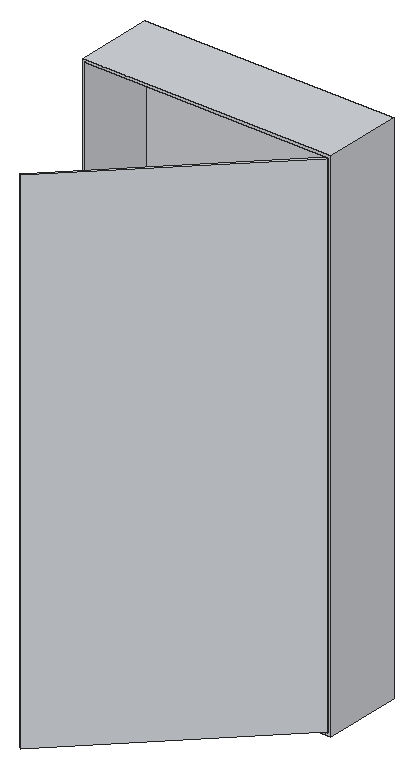
Revit family "Hager-Volta-IP30-Surface_mounted-empty-NoHosted-PL-en", category Electrical Equipment, Revit 2020
Family settings
  Panel Configuration = Two Columns, Circuits Across
  Round Connector Dimension = Use Diameter
  Part Type = Panelboard
  Work Plane-Based = Yes
  Always vertical = Yes
  Cut with Voids When Loaded = No
  Shared = No
  Room Calculation Point = No
Parameters (values of type "Surface mounted IP30 W305 H640 D96.5 12 Modular spacings - VA48NWP")
  Width Control [instance] = if([HG000006 - Flush mounted], if([EF000846 - Built-in width] > min_whd, [EF000846 - Built-in width], min_whd), if([EF000008 - Width] > min_whd, ([EF000008 - Width]), min_whd))  # 305 mm
  Void Depth [instance] = if([EF000218 - Built-in depth] > 1 mm, [EF000218 - Built-in depth], 1 mm)  # 1 mm
  Type Comments = [HG000003 - Range]  # "Volta"
  System Height [instance] = Height Control - 2 * [HG000005 - Thickness]  # 634 mm
  Panel Name [instance] = ""  # (empty or 0)
  Offset [instance] = 0 mm
  Model = [HG000004 - Manufacturer reference]  # "VA48NWP"
  Level Offset [instance] = [Flush Mounted - Door Frame Width] + Offset  # 0 mm
  HG000017 - Distance between poles = 18 mm
  HG000016 - Door 3d visibility [instance] = yes
  HG000015 - Clearance visibility [instance] = no
  HG000014 - Door on the right [instance] = yes
  HG000013 - Door on the left [instance] = not([HG000014 - Door on the right])  # no
  HG000012 - Door swing angle [instance] = 45.00°
  HG000011 - Empty rows from bottom = no
  HG000010 - Asymmetric doors = no
  HG000009 - Double swing door = no
  HG000008 - Number of empty rows = 0
  HG000007 - Number of empty columns = 0
  HG000006 - Flush mounted = no
  HG000005 - Thickness = 3 mm  # constant formula
  HG000004 - Manufacturer reference = "VA48NWP"
  HG000003 - Range = "Volta"
  HG000002 - With door or cover = yes
  HG000001 - Number of columns = 0
  EF015941 - Signal passing door = no
  EF015777 - Neutral terminal block = no
  EF015776 - Earthing terminal block = no
  EF009212 - Cover model = ""
  EF006306 - With lock = no
  EF006244 - Transparent cover/door = no
  EF005474 - Degree of protection (IP) = "EV006410 - IP30"
  EF004462 - Type of closure = ""
  EF002950 - Width in number of modular spacings = 12
  EF001596 - Material housing = ""
  EF001134 - DIN-rail = no
  EF001131 - Internal depth = 0 mm
  EF001088 - Extension possible = no
  EF001062 - EMC-version = no
  EF000846 - Built-in width = 0 mm
  EF000339 - Type of cover = ""
  EF000332 - Built-in height = 0 mm
  EF000266 - Number of rows = 0
  EF000218 - Built-in depth = 0 mm
  EF000118 - With mounting plate = yes
  EF000116 - RAL-number = "9010"
  EF000049 - Depth = 96 mm
  EF000040 - Height = 640 mm
  EF000008 - Width = 305 mm
  EF000007 - Colour = ""
  EF000003 - Mounting method = "EV000384 - Surface mounted (plaster)"
  Description = ""
  Default Elevation = 1219.2 mm
  Arrow Offset [instance] = Depth Control / 8  # 12 mm
  Arrow Height [instance] = Depth Control - Arrow Offset  # 84 mm
  Host Offset [instance] = if([HG000006 - Flush mounted], 0 mm, [EF000049 - Depth])  # 96 mm
  min_whd [instance] = (2 * [HG000005 - Thickness]) + 1 mm  # 7 mm
  Manufacturer = "Hager"  # constant formula
  Height Control [instance] = if([HG000006 - Flush mounted], if([EF000332 - Built-in height] > min_whd, [EF000332 - Built-in height], min_whd), if([EF000040 - Height] > min_whd, ([EF000040 - Height]), min_whd))  # 640 mm
  Flush Mounted - Door Frame Width [instance] = if(([EF000040 - Height] - [EF000332 - Built-in height]) > 0 mm, if([HG000006 - Flush mounted], [EF000040 - Height] - [EF000332 - Built-in height], 0 mm), 0 mm)  # 0 mm
  Depth Control [instance] = if([HG000006 - Flush mounted], if([EF000218 - Built-in depth] > 0 mm, [EF000218 - Built-in depth], 1 mm), if([EF000049 - Depth] > 0 mm, ([EF000049 - Depth]), 1 mm))  # 96 mm
Types (4, lengths in mm): name | System Height | Model | HG000004 - Manufacturer reference | EF009212 - Cover model | EF004462 - Type of closure | EF001596 - Material housing | EF001134 - DIN-rail | EF001131 - Internal depth | EF001088 - Extension possible | EF000339 - Type of cover | EF000266 - Number of rows | EF000040 - Height | EF000007 - Colour | Height Control
  Surface mounted IP30 W305 H515 D96.5 12 Modular spacings - VA36NWB | 509 | "VA36NWB" | "VA36NWB" | "EV009916 - With notch" | "EV000154 - Other" | "" | no | 0 | yes | "EV004216 - Door" | 0 | 515 | "" | 515
  Surface mounted IP30 W305 H515 D96.5 12 Modular spacings - VA36NWP | 509 | "VA36NWP" | "VA36NWP" | "EV009916 - With notch" | "EV000154 - Other" | "EV000154 - Other" | yes | 92 | yes | "EV004216 - Door" | 3 | 515 | "EV000202 - White" | 515
  Surface mounted IP30 W305 H640 D96.5 12 Modular spacings - VA48NWB | 634 | "VA48NWB" | "VA48NWB" | "EV009916 - With notch" | "EV000154 - Other" | "" | no | 0 | yes | "EV004216 - Door" | 0 | 640 | "" | 640
  Surface mounted IP30 W305 H640 D96.5 12 Modular spacings - VA48NWP | 634 | "VA48NWP" | "VA48NWP" | "" | "" | "" | no | 0 | no | "" | 0 | 640 | "" | 640
Reference planes
  plane 1 "Center (Front/Back)": y = 0
  plane 2: z = 0
  plane 3 "Center (Left/Right)": x = 0
  plane 4: y = 3
  plane 5: y = 0
  plane 6: y = 0
  plane 7: z = 0
  plane 8: x = -152.5
  plane 9: x = 152.5
  plane 10: x = 149.5
  plane 11: x = -149.5
  plane 12: z = 0
  plane 13: z = 3
  plane 14: y = -91
  plane 15: y = -96
  plane 16: y = -3
  plane 17: z = 637
  plane 18: z = 640
  plane 19: z = 320
  plane 20: x = 0
  plane 21: y = -100
Forms (mm)
  Extrusion 1, solid
    sketch origin (-208.679, -4572, 0) x (-1, 0, 0) y (0, -1, 0)
      loop
        line (-56.179, -4476) -> (-361.179, -4476) -> (-361.179, -4572) -> (-56.179, -4572) -> (-56.179, -4476)
    from 0 to 640 <- "Height Control"
  Extrusion 2, void
    sketch origin (-350.771, -96, 1219.2) x (1, 0, 0) y (0, 0, 1)
      loop
        line (201.271, -582.2) -> (201.271, -1216.2) -> (500.271, -1216.2) -> (500.271, -582.2) -> (201.271, -582.2)
    from 0 to -93
  Extrusion 3, solid, detail levels coarse+medium
    sketch origin (-350.771, -96, 1219.2) x (-1, 0, 0) y (0, 0, 1)
      loop
        line (-201.271, -582.2) -> (-500.271, -582.2) -> (-500.271, -1216.2) -> (-201.271, -1216.2) -> (-201.271, -582.2)
    from 0 to 3 <- "HG000005 - Thickness"
Cuts and joins
  Extrusion 2 cuts Extrusion 1
Dimensions and locks
  "Flush Mounted - Door Frame Width": plane 1 "Center (Front/Back)" to plane 6
  "HG000005 - Thickness": plane 4 to plane 6
  "HG000005 - Thickness": plane 8 to plane 11
  "HG000005 - Thickness": plane 9 to plane 10
  equal spacing: plane 8, plane 3 "Center (Left/Right)", plane 9
  "Width Control": plane 8 to plane 9
  locked: plane 14 to plane 15 at 5
  "Host Offset": plane 1 "Center (Front/Back)" to plane 15
  "Depth Control": plane 5 to plane 15
  "HG000005 - Thickness": plane 5 to plane 16
  "HG000005 - Thickness": plane 13 to plane 12
  "Level Offset": plane 12 to level
  "HG000005 - Thickness": plane 18 to plane 17
  "Height Control": plane 18 to plane 12
  "Arrow Offset": plane 5 to nested 4
  equal spacing: plane 18, plane 19, plane 12
  locked: connector elem to plane 19
  locked: connector elem to plane 3 "Center (Left/Right)"
  aligned and locked: nested 1 to plane 14
  aligned and locked: plane 3 "Center (Left/Right)" to nested 1
  aligned and locked: plane 3 "Center (Left/Right)" to nested 2
  aligned and locked: nested 2 to plane 15
  aligned and locked: plane 5 to Extrusion 1
  aligned and locked: Extrusion 3 sketch curve to plane 17
  aligned and locked: Extrusion 3 sketch curve to plane 11
  aligned and locked: plane 13 to Extrusion 3 sketch curve
  aligned and locked: Extrusion 3 sketch curve to plane 10
  aligned and locked: plane 13 to Extrusion 2 sketch curve
  aligned and locked: Extrusion 2 sketch curve to plane 10
  aligned and locked: Extrusion 2 sketch curve to plane 17
  aligned and locked: Extrusion 2 sketch curve to plane 11
  aligned and locked: plane 16 to Extrusion 2
  aligned and locked: plane 5 to Extrusion 1 sketch curve
  aligned and locked: plane 9 to Extrusion 1 sketch curve
  aligned and locked: plane 8 to Extrusion 1 sketch curve
  aligned and locked: plane 8 to nested 4
  aligned and locked: plane 8 to nested 3
  aligned and locked: nested 3 to plane 5
  aligned and locked: Extrusion 1 sketch curve to plane 15
  aligned and locked: Extrusion 2 to plane 15
Nested families
  nested 1: "Hager_Enclosure_System" at (0, -91, 3), Flush_Mounted <- "HG000006 - Flush mounted", Width <- "EF000008 - Width", Height <- "System Height", Width_Control <- "Width Control", Row_Module_Multiplicator <- "EF002950 - Width in number of modular spacings", Empty_Columns <- "HG000007 - Number of empty columns", Built-in_Width <- "EF000846 - Built-in width", Border <- "HG000005 - Thickness", Total_No_Empty_Rows <- "HG000008 - Number of empty rows", Depth <- "HG000005 - Thickness", Empty_Rows_From_Bottom <- "HG000011 - Empty rows from bottom", Distance_Between_Poles <- "HG000017 - Distance between poles", Rows_Count <- "EF000266 - Number of rows", Columns_Count <- "HG000001 - Number of columns", type "Hager_Enclosure_System", detail levels medium+fine
    with Width_Control 305 mm, Width 305 mm, Total_No_Rows 0, Total_No_Empty_Rows 0, Total_No_Columns 1, System_Width 299 mm, Rows_Count 0, Rows_Column 0, Row_Module_Multiplicator 12, Panel_4 no, Panel_3 no, Panel_2 no, Panel_1 no, No_Panels_Ctrl 1, Hide_Columns yes, Height 634 mm, Flush_Mounted no, Empty_Rows_From_Bottom no, Empty_Rows_Column 0, Empty_Columns 0, Distance_Between_Poles 18 mm, Depth 3 mm, Columns_Count 0, Column_Width 299 mm, Built-in_Width 0 mm, Border 3 mm
  nested 2: "Hager_Enclosure_Door" at (0, -96, 0), Double <- "HG000009 - Double swing door", Height_Ctrl <- "Height Control", Transparent <- "EF006244 - Transparent cover/door", Depth <- "EF000049 - Depth", Height <- "EF000040 - Height", Angle <- "HG000012 - Door swing angle", Door_Right <- "HG000014 - Door on the right", Assymetrical <- "HG000010 - Asymmetric doors", Flush_Mounted <- "HG000006 - Flush mounted", BuiltIn_Depth <- "EF000218 - Built-in depth", BuiltIn_Width <- "EF000846 - Built-in width", Door <- "HG000002 - With door or cover", Width_Ctrl <- "Width Control", 3d_Door <- "HG000016 - Door 3d visibility", Width <- "EF000008 - Width", Border <- "HG000005 - Thickness", BuiltIn_Height <- "EF000332 - Built-in height", Clearance <- "HG000015 - Clearance visibility", Door_Left <- "HG000013 - Door on the left", type "Hager_Enclosure_Door", detail levels medium+fine
    with min_wh 7 mm, Width_Ctrl 305 mm, Width 305 mm, Transparent_Door_No_Bottom_Border no, Transparent no, Leaf_Width 296 mm, Leaf_Tolerance 1.5 mm, Leaf_Height 631 mm, Leaf_2_Width 296 mm, Leaf_2_Offset 148 mm, Leaf_1_Width 296 mm, Leaf_1_Offset 148 mm, Height_Ctrl 640 mm, Height 640 mm, Frame_Width_Ctrl 305 mm, Frame_Width 305 mm, Frame_Internal_Offset 0 mm, Frame_Height_Ctrl 640 mm, Frame_Height 640 mm, Frame_Depth_Ctrl 1 mm, Frame_Depth 0 mm, Flush_Mounted no, Double_Clearance_Ctrl no, Double no, Door_Right_Ctrl yes, Door_Right yes, Door_Left_Ctrl no, Door_Left no, Door yes, Depth 96 mm, Clearance_Depth 296 mm, Clearance_Ctrl no, Clearance no, BuiltIn_Width 0 mm, BuiltIn_Height 0 mm, BuiltIn_Depth 0 mm, Border 3 mm, Assymetrical no, Angle 45.00°, 3d_Door yes
  nested 3: "Hager_Enclosure_Symbol_Triangle" at (-152.5, 0, 0), Depth <- "Depth Control", Width <- "Width Control", type "Hager_Enclosure_Symbol_Triangle"
    with Width_Ctrl 305 mm, Width 305 mm, Depth_Ctrl 96 mm, Depth 96 mm
  nested 4: "Hager_Enclosure_Symbol_Arrow" at (-152.5, -12, 0), Height <- "Arrow Height", type "Hager_Enclosure_Symbol_Arrow"
    with Width_Inside 6.3 mm, Width 75.6 mm, Height_Ctrl 84 mm, Height 84 mm
Connectors
  electrical at (0, 0, 320)
    settings: on plane 5, index 1, voltage 0 V, apparent load 0 VA, apparent load phase1 0 VA, apparent load phase2 0 VA, apparent load phase3 0 VA, power factor 1, load classification "Other", number of poles 1, system type 30, power factor state 1, is connector primary yes, connector utility no, sub classification motor no, connector description ""
Definition of nested family "Hager_Enclosure_Door"
  Parameters (values of type "Hager_Enclosure_Door")
    min_wh [instance] = (2 * Border) + 1 mm  # 11 mm
    Width_Ctrl [instance] = 400 mm
    Width [instance] = 500 mm
    Transparent_Door_No_Bottom_Border [instance] = no
    Transparent [instance] = yes
    Leaf_Width [instance] = if((Width_Ctrl - 2 * Border - 2 * Leaf_Tolerance) > 0 mm, (Width_Ctrl - 2 * Border - 2 * Leaf_Tolerance), min_wh)  # 387 mm
    Leaf_Tolerance [instance] = 1.5 mm  # constant formula
    Leaf_Height [instance] = if((Height_Ctrl - 2 * Border - 2 * Leaf_Tolerance) > 0 mm, (Height_Ctrl - 2 * Border - 2 * Leaf_Tolerance), min_wh)  # 387 mm
    Leaf_2_Width [instance] = if(and(and(Double, Assymetrical), Door_Left), (Leaf_Width / 3) - (Leaf_Tolerance / 2), if(and(and(Double, Assymetrical), Door_Right), (Leaf_Width / 3) * 2 - (Leaf_Tolerance / 2), if(and(Double, not(Assymetrical)), (Leaf_Width / 2) - Leaf_Tolerance, Leaf_Width)))  # 387 mm
    Leaf_2_Offset [instance] = if(and(Double, Assymetrical), Leaf_2_Width / 2, if(and(Double, not(Assymetrical)), Leaf_Width / 4, Leaf_Width / 2))  # 193.5 mm
    Leaf_1_Width [instance] = if(and(and(Double, Assymetrical), Door_Right), (Leaf_Width / 3) - (Leaf_Tolerance / 2), if(and(and(Double, Assymetrical), Door_Left), (Width / 3) * 2 - (Leaf_Tolerance / 2), if(and(Double, not(Assymetrical)), (Leaf_Width / 2) - Leaf_Tolerance, Leaf_Width)))  # 387 mm
    Leaf_1_Offset [instance] = if(and(Double, Assymetrical), Leaf_1_Width / 2, if(and(Double, not(Assymetrical)), Leaf_Width / 4, Leaf_Width / 2))  # 193.5 mm
    Height_Ctrl [instance] = 400 mm
    Height [instance] = 500 mm
    Frame_Width_Ctrl [instance] = if(Frame_Width > 0 mm, Frame_Width, 1 mm)  # 1 mm
    Frame_Width [instance] = Width - BuiltIn_Width  # 0 mm
    Frame_Internal_Offset [instance] = if(Flush_Mounted, Border, 0 mm)  # 5 mm
    Frame_Height_Ctrl [instance] = if(Frame_Height > 0 mm, Frame_Height, 1 mm)  # 1 mm
    Frame_Height [instance] = Height - BuiltIn_Height  # 0 mm
    Frame_Depth_Ctrl [instance] = if(Frame_Depth > 0 mm, Frame_Depth, 1 mm)  # 1 mm
    Frame_Depth [instance] = if(Depth - BuiltIn_Depth > 0 mm, if(Flush_Mounted, Depth - BuiltIn_Depth, 0 mm), 0 mm)  # 0 mm
    Flush_Mounted [instance] = yes
    Double_Clearance_Ctrl [instance] = and(Double, Clearance)  # no
    Double [instance] = no
    Door_Right_Ctrl [instance] = and(or(Door_Right, Double), Door)  # yes
    Door_Right [instance] = yes
    Door_Left_Ctrl [instance] = and(or(Door_Left, Double), Door)  # no
    Door_Left [instance] = no
    Door [instance] = yes
    Depth [instance] = 500 mm
    Default Elevation = 1219.2 mm
    Clearance_Material = none
    Clearance_Depth [instance] = if(Leaf_1_Width > Leaf_2_Width, Leaf_1_Width, Leaf_2_Width)  # 387 mm
    Clearance_Ctrl [instance] = and(not(Double), Clearance)  # yes
    Clearance [instance] = yes
    BuiltIn_Width [instance] = 500 mm
    BuiltIn_Height [instance] = 500 mm
    BuiltIn_Depth [instance] = 500 mm
    Border [instance] = 5 mm
    Assymetrical [instance] = yes
    Angle [instance] = 30.00°
    3d_Door [instance] = yes
  Reference planes
    plane 1 "Center (Front/Back)": y = 0
    plane 2 "Bottom": z = 0
    plane 3 "Center (Left/Right)": x = 0
    plane 4: z = 400
    plane 5: x = -200
    plane 6: x = 200
    plane 7: z = 395
    plane 8: x = -195
    plane 9: z = 5
    plane 10: x = 195
    plane 11: y = 0
    plane 12: z = 6.5
    plane 13: x = -582
    plane 14: y = -387
    plane 15: x = 582
    plane 16: x = 0
    plane 17: x = 0
    plane 18: x = -193.5
    plane 19: x = 193.5
    plane 20: z = 393.5
  Forms (mm)
    Extrusion 1, solid, visible <- "Flush_Mounted"
      sketch origin (0, 0, 0) x (1, 0, 0) y (0, 0, 1)
        loop
          line (195, 5) -> (195, 395) -> (-195, 395) -> (-195, 5) -> (195, 5)
        loop
          line (-201, 401) -> (-201, -1) -> (201, -1) -> (201, 401) -> (-201, 401)
      from 0 to 1 <- "Frame_Depth_Ctrl"
    Extrusion 2, solid, material <- "Clearance_Material", visible <- "Double_Clearance_Ctrl"
      sketch origin (1200, 0, 0) x (1, 0, 0) y (0, 0, -1)
        loop
          line (-1782, -393.5) -> (-618, -393.5) -> (-618, 0) -> (-1782, 0) -> (-1782, -393.5)
      from 0 to -387
  Dimensions and locks
    equal spacing: plane 5, plane 3 "Center (Left/Right)", plane 6
    "Width_Ctrl": plane 5 to plane 6
    "Border": plane 5 to plane 8
    "Border": plane 6 to plane 10
    "Border": plane 9 to level
    "Border": plane 4 to plane 7
    "Height_Ctrl": plane 4 to level
    "Leaf_Tolerance": plane 12 to plane 9
    "Frame_Depth": plane 11 to plane 1 "Center (Front/Back)"
    "Frame_Width_Ctrl": plane 5 to Extrusion 1 sketch curve
    "Frame_Width_Ctrl": plane 6 to Extrusion 1 sketch curve
    "Frame_Width_Ctrl": Extrusion 1 sketch curve to plane 4
    "Frame_Width_Ctrl": plane 2 "Bottom" to Extrusion 1 sketch curve
    "Leaf_1_Offset": plane 18 to plane 16
    "Leaf_2_Offset": plane 17 to plane 19
    "Leaf_1_Width": plane 13 to plane 8
    "Leaf_2_Width": plane 10 to plane 15
    "Clearance_Depth": plane 14 to plane 1 "Center (Front/Back)"
    "Leaf_Tolerance": plane 8 to plane 18
    "Leaf_Tolerance": plane 19 to plane 10
    "Leaf_Tolerance": plane 7 to plane 20
    "Frame_Internal_Offset": plane 5 to Extrusion 1 sketch curve
    "Frame_Internal_Offset": Extrusion 1 sketch curve to plane 2 "Bottom"
    "Frame_Internal_Offset": plane 6 to Extrusion 1 sketch curve
    "Frame_Internal_Offset": plane 4 to Extrusion 1 sketch curve
    aligned and locked: level to plane 2 "Bottom"
    aligned and locked: nested 1 to plane 16
    aligned and locked: nested 2 to plane 17
    aligned and locked: Extrusion 2 to plane 13
    aligned and locked: plane 15 to Extrusion 2
    aligned and locked: Extrusion 2 to plane 14
    aligned and locked: plane 12 to nested 1
    aligned and locked: nested 2 to plane 12
    aligned and locked: Extrusion 2 to plane 11
    aligned and locked: plane 20 to Extrusion 2
    aligned and locked: nested 2 to plane 11
    aligned and locked: nested 1 to plane 11
  Automatic sketch dimensions
    Extrusion 2 sketch curve to level = 0 mm
    plane 5 to Extrusion 2 sketch curve = 382 mm
    plane 6 to Extrusion 2 sketch curve = 382 mm
    Extrusion 2 sketch curve to plane 4 = 6.5 mm
  Nested families
    nested 1: "Hager_Enclosure_Door_Leaf" at (0, 0, 6.5), Width <- "Leaf_1_Width", visible <- "Door_Left_Ctrl", Leaf_Height <- "Leaf_Height", Angle <- "Angle", Depth <- "Border", 3d_Door <- "3d_Door", Transparent <- "Transparent", Clearance Material <- "Clearance_Material", Clearance <- "Clearance_Ctrl", Transparent_Door_No_Bottom_Border <- "Transparent_Door_No_Bottom_Border", type "Hager_Enclosure_Door_Leaf"
      with Width 387 mm, Transparent_Door_No_Bottom_Border no, Transparent_Door_Border_Bottom_Top 25 mm, Transparent_Door_Border 25 mm, Transparent_Ctrl yes, Transparent yes, Standard no, Leaf_Height 387 mm, Glass_Offset 1 mm, Depth 5 mm, Clearance Material none, Clearance yes, Angle_Ctrl 30.00°, Angle 30.00°, 3d_Door yes
    nested 2: "Hager_Enclosure_Door_Leaf" at (0, 0, 6.5) x (-1, 0, 0) z (0, 0, 1), Width <- "Leaf_2_Width", visible <- "Door_Right_Ctrl", Leaf_Height <- "Leaf_Height", Angle <- "Angle", Depth <- "Border", 3d_Door <- "3d_Door", Transparent <- "Transparent", Clearance Material <- "Clearance_Material", Clearance <- "Clearance_Ctrl", Transparent_Door_No_Bottom_Border <- "Transparent_Door_No_Bottom_Border", type "Hager_Enclosure_Door_Leaf"
      with Width 387 mm, Transparent_Door_No_Bottom_Border no, Transparent_Door_Border_Bottom_Top 25 mm, Transparent_Door_Border 25 mm, Transparent_Ctrl yes, Transparent yes, Standard no, Leaf_Height 387 mm, Glass_Offset 1 mm, Depth 5 mm, Clearance Material none, Clearance yes, Angle_Ctrl 30.00°, Angle 30.00°, 3d_Door yes
  Definition of nested family "Hager_Enclosure_Door_Leaf"
    Parameters (values of type "Hager_Enclosure_Door_Leaf")
      Width [instance] = 2000 mm
      Transparent_Door_No_Bottom_Border [instance] = yes
      Transparent_Door_Border_Bottom_Top [instance] = if(Transparent_Door_No_Bottom_Border, 0.1 mm, Transparent_Door_Border)  # 0.1 mm
      Transparent_Door_Border [instance] = if(Transparent_Door_No_Bottom_Border, (Width * 0.12), 25 mm)  # 240 mm
      Transparent_Ctrl [instance] = and(Transparent, [3d_Door])  # yes
      Transparent [instance] = yes
      Standard [instance] = and(not(Transparent), [3d_Door])  # no
      Leaf_Height [instance] = 2720.336 mm
      Glass_Offset [instance] = if((Depth - 10 mm) / 2 > 0 mm, (Depth - 10 mm) / 2, 1 mm)  # 15 mm
      Glass_Material = none
      Depth [instance] = 40 mm
      Default Elevation = 0 mm
      Clearance Material [instance] = none
      Clearance [instance] = yes
      Angle_Ctrl [instance] = if(Angle > 170.00°, 170.00°, Angle)  # 45.00°
      Angle [instance] = 45.00°
      3d_Door [instance] = yes
    Reference planes
      plane 1 "Center (Front/Back)": y = 0
      plane 2: z = 0
      plane 3 "Center (Left/Right)": x = 0
      plane 4: y = 2000
      plane 5: x = -1000
      plane 6: x = 1000
      plane 7: x = -3000
      plane 8: z = 2720.336
      plane 9: z = 0.1
      plane 10: z = 2720.236
      plane 11: x = 760
      plane 12: x = -760
    Forms (mm)
      Extrusion 1, solid, material <- "Clearance Material", visible <- "Clearance"
        sketch origin (0, 0, 0) x (1, 0, 0) y (0, 0, 1)
          loop
            line (-3000, 2720.336) -> (-3000, 0) -> (1000, 0) -> (1000, 2720.336) -> (-3000, 2720.336)
        from 0 to -2000
      Extrusion 2, solid, visible <- "Standard", detail levels medium+fine
        sketch origin (-1000, 0, 0) x (0.707107, 0.707107, 0) y (-0.707107, 0.707107, 0)
          loop
            line (0, -40) -> (2000, -40) -> (2000, 0) -> (0, 0) -> (0, -40)
        from 0 to 2720.336 <- "Leaf_Height"
      Extrusion 3, solid, visible <- "Transparent_Ctrl", detail levels medium+fine
        sketch origin (-1000, 0, 0) x (0.707107, 0.707107, 0) y (-0.707107, 0.707107, 0)
          loop
            line (0, -40) -> (2000, -40) -> (2000, 0) -> (0, 0) -> (0, -40)
        from 0 to 2720.336 <- "Leaf_Height"
      Extrusion 4, void, detail levels medium+fine
        sketch origin (-1000, 0, 0) x (-0.707107, 0.707107, 0) y (0.707107, 0.707107, 0)
          loop
            line (0, 240) -> (0, 1760) -> (-40, 1760) -> (-40, 240) -> (0, 240)
        from -2720.236 to -0.1
      Extrusion 5, solid, material <- "Glass_Material", visible <- "Transparent_Ctrl", detail levels medium+fine
        sketch origin (-1000, 0, 0) x (0.707107, 0.707107, 0) y (-0.707107, 0.707107, 0)
          loop
            line (240, -15) -> (240, -25) -> (1760, -25) -> (1760, -15) -> (240, -15)
        from 0.1 to 2720.236
    Cuts and joins
      Extrusion 4 cuts Extrusion 3
    Lines and regions (mm)
      symbolic lines
        curve 1: line (1000, 0, 0) -> (-3000, 0, 0)
        curve 2: arc (1000, 0, 0) -> (-1000, 2000, 0) -> (-3000, 0, 0) r 2000
        curve 4: line (-1000, 0, 0) -> (414.214, 1414.214, 0)
      reference lines
        curve 3: line (-1000, 0, 0) -> (414.214, 1414.214, 0)
      symbolic lines, detail levels medium+fine
        curve 5: line (414.214, 1414.214, 0) -> (442.498, 1385.929, 0)
        curve 6: line (442.498, 1385.929, 0) -> (-971.716, -28.284, 0)
        curve 7: line (-971.716, -28.284, 0) -> (-1000, 0, 0)
        curve 8: line (-1000, 0, 2720.336) -> (1000, 0, 2720.336)
        curve 9: line (-1000, 0, 0) -> (-1000, 0, 2720.336)
        curve 10: line (1000, 0, 0) -> (-1000, 0, 0)
        curve 11: line (1000, 0, 2720.336) -> (1000, 0, 0)
      symbolic lines, visible <- "Transparent_Ctrl", detail levels medium+fine
        curve 12: line (-760, 0, 2720.236) -> (760, 0, 2720.236)
        curve 13: line (-760, 0, 0.1) -> (-760, 0, 2720.236)
        curve 14: line (760, 0, 0.1) -> (-760, 0, 0.1)
        curve 15: line (760, 0, 2720.236) -> (760, 0, 0.1)
    Dimensions and locks
      "Width": plane 1 "Center (Front/Back)" to plane 4
      equal spacing: plane 5, plane 3 "Center (Left/Right)", plane 6
      "Width": plane 5 to plane 6
      "Width": plane 7 to plane 5
      "Leaf_Height": plane 8 to level
      "Depth": curve 6 to curve 3
      "Width": curve 5 to curve 3
      "Width": curve 3 to curve 3
      "Transparent_Door_Border": Extrusion 4 sketch curve to curve 7
      "Transparent_Door_Border": Extrusion 4 sketch curve to curve 5
      "Transparent_Door_Border_Bottom_Top": plane 8 to plane 10
      "Transparent_Door_Border_Bottom_Top": plane 9 to level
      "Glass_Offset": Extrusion 5 sketch curve to curve 4
      "Glass_Offset": Extrusion 5 sketch curve to curve 6
      "Transparent_Door_Border": Extrusion 5 sketch curve to curve 5
      "Transparent_Door_Border": Extrusion 5 sketch curve to curve 7
      "Transparent_Door_Border": plane 12 to plane 5
      "Transparent_Door_Border": plane 6 to plane 11
      "Angle_Ctrl": angle plane 1 "Center (Front/Back)" to curve 3
      aligned and locked: level to plane 2
      aligned and locked: Extrusion 1 to curve 1
      aligned and locked: plane 6 to Extrusion 1
      aligned and locked: Extrusion 1 to plane 1 "Center (Front/Back)"
      aligned and locked: plane 4 to Extrusion 1
      aligned and locked: plane 8 to Extrusion 1
      aligned and locked: curve 4 to curve 3
      aligned and locked: Extrusion 2 sketch curve to curve 7
      aligned and locked: Extrusion 2 sketch curve to curve 6
      aligned and locked: Extrusion 2 sketch curve to curve 5
      aligned and locked: Extrusion 2 sketch curve to curve 3
      aligned and locked: curve 7 to Extrusion 3 sketch curve
      aligned and locked: Extrusion 3 sketch curve to curve 4
      aligned and locked: Extrusion 3 sketch curve to curve 6
      aligned and locked: Extrusion 3 sketch curve to curve 5
      aligned and locked: curve 4 to Extrusion 4 sketch curve
      aligned and locked: curve 6 to Extrusion 4 sketch curve
      aligned and locked: Extrusion 4 to plane 9
      aligned and locked: Extrusion 4 to plane 10
      aligned and locked: Extrusion 5 to plane 9
      aligned and locked: Extrusion 5 to plane 10
      aligned and locked: curve 8 to plane 8
      aligned and locked: plane 5 to curve 9
      aligned and locked: plane 2 to curve 10
      aligned and locked: curve 11 to plane 6
      aligned and locked: plane 10 to curve 12
      aligned and locked: plane 12 to curve 13
      aligned and locked: curve 14 to plane 9
      aligned and locked: plane 11 to curve 15
    Automatic sketch dimensions
      plane 1 "Center (Front/Back)" to curve 2 = 0 mm
      curve 2 to plane 5 = 0 mm
      Extrusion 1 sketch curve to level = 0 mm
      Extrusion 1 sketch curve to plane 7 = 0 mm
      Extrusion 1 sketch curve to plane 6 = 0 mm
      Extrusion 1 sketch curve to plane 8 = 0 mm
      plane 1 "Center (Front/Back)" to curve 3 = 0 mm
      curve 3 to plane 5 = 0 mm
      curve 7 to curve 3 = 0 mm
Definition of nested family "Hager_Enclosure_Symbol_Triangle"
  Parameters (values of type "Hager_Enclosure_Symbol_Triangle")
    Width_Ctrl [instance] = if(Width > 1 mm, Width, 1 mm)  # 498 mm
    Width [instance] = 498 mm
    Depth_Ctrl [instance] = if(Depth > 1 mm, Depth, 1 mm)  # 72 mm
    Depth [instance] = 72 mm
  Reference planes
    plane 1 "Centre (avant/arrière)": y = 0
    plane 2: z = 0
    plane 3 "Centre (gauche/droite)": x = 0
  Lines and regions (mm)
    Filled region 1, type "Solid_Black", in view "Niveau de réf."
      outline origin (0, 0, 0) x (1, 0, 0) y (0, 1, 0)
        loop
          line (0, 0) -> (498, 0) -> (498, 72) -> (0, 0)
    reference lines, in view "Niveau de réf."
      curve 1: line (-206.153, 72, 0) -> (1083.258, 72, 0)
      curve 2: line (498, 405.456, 0) -> (498, -517.619, 0)
  Dimensions and locks
    "Depth_Ctrl": plane 1 "Centre (avant/arrière)" to curve 1
    "Width_Ctrl": plane 3 "Centre (gauche/droite)" to curve 2
    aligned and locked: curve 1 to Filled region 1 sketch curve
    aligned and locked: Filled region 1 sketch curve to plane 1 "Centre (avant/arrière)"
    aligned and locked: curve 2 to Filled region 1 sketch curve
    aligned and locked: plane 3 "Centre (gauche/droite)" to Filled region 1 sketch curve
    aligned and locked: plane 1 "Centre (avant/arrière)" to Filled region 1 sketch curve
  Automatic sketch dimensions
    curve 1 to plane 3 "Centre (gauche/droite)" = 206.153 mm
    curve 2 to curve 1 = 585.258 mm
    plane 1 "Centre (avant/arrière)" to curve 2 = 517.619 mm
    curve 2 to plane 1 "Centre (avant/arrière)" = 405.456 mm
Definition of nested family "Hager_Enclosure_Symbol_Arrow"
  Parameters (values of type "Hager_Enclosure_Symbol_Arrow")
    Width_Inside [instance] = if(Width / 12 > 2 mm, Width / 12, 2 mm)  # 4.987 mm
    Width [instance] = if(Height_Ctrl * 0.9 > 2 mm, Height_Ctrl * 0.9, 2 mm)  # 59.85 mm
    Height_Ctrl [instance] = if(Height > 2 mm, Height, 2 mm)  # 66.5 mm
    Height [instance] = 66.5 mm
  Reference planes
    plane 1 "Centre (avant/arrière)": y = 0
    plane 2: z = 0
    plane 3 "Centre (gauche/droite)": x = 0
    plane 4: x = 59.85
    plane 5: y = 28.263
    plane 6: y = 38.238
    plane 7: y = 66.5
    plane 8: x = 29.925
    plane 9: y = 33.25
  Lines and regions (mm)
    Filled region 1, type "Solid_Black", in view "Niveau de réf."
      outline origin (0, 0, 0) x (1, 0, 0) y (0, 1, 0)
        loop
          line (59.85, 66.5) -> (37.929, 52.827) -> (51.846, 41.935) -> (59.85, 66.5)
    detail lines, in view "Niveau de réf."
      curve 1: line (0, 0, 0) -> (29.925, 38.238, 0)
      curve 2: line (29.925, 38.238, 0) -> (29.925, 28.263, 0)
      curve 3: line (29.925, 28.263, 0) -> (59.85, 66.5, 0)
  Dimensions and locks
    "Width": plane 3 "Centre (gauche/droite)" to plane 4
    "Height_Ctrl": plane 7 to plane 1 "Centre (avant/arrière)"
    equal spacing: plane 3 "Centre (gauche/droite)", plane 8, plane 4
    equal spacing: plane 7, plane 9, plane 1 "Centre (avant/arrière)"
    equal spacing: plane 6, plane 9, plane 5
    "Width_Inside": plane 6 to plane 9
    equal spacing: curve 3, Filled region 1 sketch curve, Filled region 1 sketch curve
    angle Filled region 1 sketch curve to curve 3 = 20.00°
    angle curve 3 to Filled region 1 sketch curve = 20.00°
    locked: curve 3 to Filled region 1 sketch curve (angle 90.00°)
  Automatic sketch dimensions
    plane 1 "Centre (avant/arrière)" to curve 1 = 0 mm
    curve 1 to plane 3 "Centre (gauche/droite)" = 0 mm
    curve 2 to plane 6 = 0 mm
    curve 3 to plane 8 = 0 mm
    curve 3 to plane 4 = 0 mm
    curve 2 to plane 5 = 0 mm
    curve 3 to plane 7 = 0 mm
    Filled region 1 sketch curve to plane 4 = 0 mm
    Filled region 1 sketch curve to plane 7 = 0 mm
